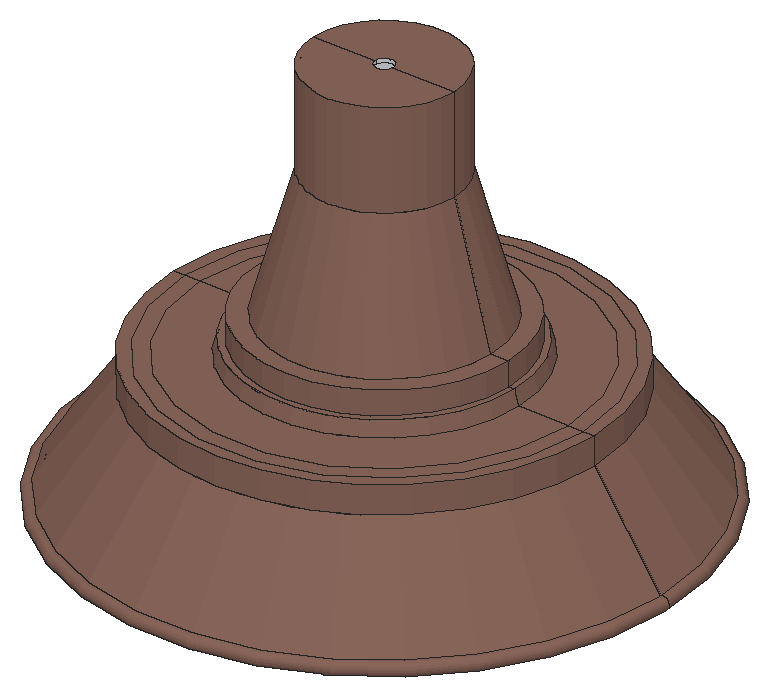
Revit family "UR16 SHADE", category Lighting Fixtures, Revit 2024
Family settings
  Round Connector Dimension = Use Diameter
  Part Type = Normal
  OmniClass Number = 23.80.70.00
  OmniClass Title = Lighting
  Work Plane-Based = No
  Always vertical = Yes
  Cut with Voids When Loaded = No
  Light Source = Yes
  Maintain Annotation Orientation = No
  Shared = No
  Room Calculation Point = No
Parameters
  Wattage = 12.1178 W
  built-in parameter 1150110 = 1 (stored number, unit not read)
  built-in parameter 1114217 = 1 (stored number, unit not read)
  built-in parameter 1150109 = 1 (stored number, unit not read)
  built-in parameter 1150134 = (empty or 0)
  built-in parameter 1150113 = 1 (stored number, unit not read)
  Lumens = 1800 lm
  built-in parameter 1150115 = 1 (stored number, unit not read)
  built-in parameter 1150105 = 572.96 (stored number, unit not read)
  Light Source Symbol Size = 2' - 0"
  built-in parameter 1150137 = (empty or 0)
  built-in parameter 1150139 = (empty or 0)
  built-in parameter 1150112 = 1 (stored number, unit not read)
  built-in parameter 1150114 = 1 (stored number, unit not read)
  built-in parameter 1150132 = 2
  built-in parameter 1150102 = (empty or 0)
  built-in parameter 1150138 = (empty or 0)
  built-in parameter 1150107 = 3000 (stored number, unit not read)
  built-in parameter 1150106 = 5.7296 (stored number, unit not read)
  built-in parameter 1150104 = 13.8 (stored number, unit not read)
  Dimming Lamp Color Temperature Shift = (empty or 0)
  Default Elevation = 0' - 0"
  Color Filter = 16777215
  built-in parameter 1114218 = 1 (stored number, unit not read)
  built-in parameter 1150133 = 10 (stored number, unit not read)
Reference planes (in)
  plane 1 "Light Source Axis (F/B)": y = 0
  plane 2: z = 0
  plane 3 "Light Source Axis (L/R)": x = 0
  plane 4 "Light Source Elevation": z = 54
Forms (in)
  Revolve 1, solid
    sketch origin (0, 0, 0) x (1, 0, 0) y (0, 0, 1)
      loop
        line (-1.97, 65) -> (-1.97, 62.35) -> (-3, 58.75) -> (-3.5, 58.75) -> (-3.5, 58.11) -> (-3.68172, 58.11) -> (-3.78873, 57.7178) -> (-5.17864, 57.7178) -> (-5.6031, 57.7178) -> (-5.90929, 57.7178) -> (-5.90929, 56.9678) -> (-7.75948, 54.34159)
        arc (-7.75948, 54.34159) -> (-7.92034, 54.02122) -> (-7.68191, 54.28892) r 0.1808
        line (-7.68191, 54.28892) -> (-5.81554, 56.93809) -> (-5.81554, 57.62405) -> (-5.6031, 57.62405) -> (-5.17864, 57.62405) -> (-3.71714, 57.62405) -> (-3.61013, 58.01625) -> (-3.40625, 58.01625) -> (-3.40625, 58.65625) -> (-2.92931, 58.65625) -> (-1.87625, 62.33685) -> (-1.87625, 64.90625) -> (-0.25, 64.90625) -> (-0.25, 65) -> (-1.97, 65)
      axis (0, 65) -> (0, 54.28892)
    angle from 0 to 360
Dimensions and locks (in)
  aligned and locked: plane 3 "Light Source Axis (L/R)" to imposter light
  aligned and locked: plane 1 "Light Source Axis (F/B)" to imposter light
  aligned and locked: plane 4 "Light Source Elevation" to imposter light
  aligned and locked: level to plane 2
